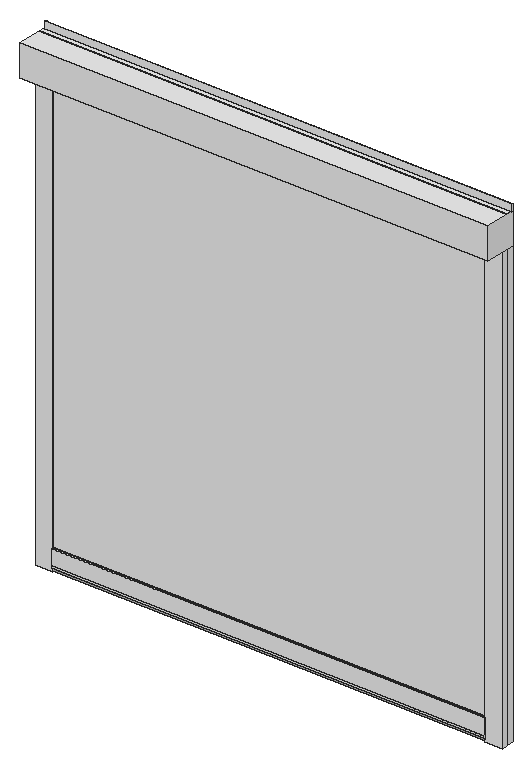
Revit family "6b4aaa0d-58bd-435f-a648-c8cad3bbff9f", category Doors, host Wall, Revit 2014
Parameters (values of type "Cylinder Bottom Bar")
  panelwidth [instance] = if(1 = 1, Clear Opening Width + (0' 0 3/8" * 2), 0' 0")  # 8' - 0 3/4"
  panelheight [instance] = Clear Opening Height + Jamb Above Opening  # 8' - 3 1/2"
  hoodextra = not(Frame Offset Extrusions)  # no
  Standards Conformance = "as Specified"
  Solid Slat Panel [instance] = yes
  Solid Slat Material [instance] = Metal - WayneDalton - 2.5" Slat White
  Percent Open Area [instance] = 0
  Open Area Slat Panel [instance] = no
  Open Area Slat Material [instance] = Metal - WayneDalton - 2.5" Slat White Fenestrated
  Offset from Interior Wall [instance] = 0' - 0"
  Max Width = 20' - 0"
  Max Height = 14' - 0"
  Jamb Width = 0' - 3 7/8"
  Jamb Depth = 0' - 2 3/4"
  Jamb Above Opening = 0' - 3 1/2"
  Hood Material [instance] = Metal - WayneDalton - White
  Hood Height [instance] = if(not(Clear Opening Height > 8' 0"), 0' 7", if(not(Clear Opening Height > 10' 0"), 0' 8", if(not(Clear Opening Height > 12' 0"), 0' 9", 0' 10")))  # 0' - 7"
  Hood Depth [instance] = if(not(Clear Opening Height > 8' 0"), 0' 7", if(not(Clear Opening Height > 10' 0"), 0' 8", if(not(Clear Opening Height > 12' 0"), 0' 9", 0' 10")))  # 0' - 7"
  Hood Above Opening = 0' - 9 1/2"
  Height of Open Area Slat Panel [instance] = 0' - 1"
  Function = Interior
  Frame Offset Extrusions = yes
  Door Operation [instance] = "Manual Lift Up Standard"
  Door Open [instance] = no
  Door Closed [instance] = not(Door Open)  # yes
  Clear Opening Width [instance] = 8' - 0"
  Clear Opening Height [instance] = 8' - 0"
  Panel Material [instance] = Metal - WayneDalton - White
  Manufacturer Phone = ""
  Door Track Material [instance] = Metal - WayneDalton - White
  Warranty Duration (Years) = 0
  URL = "http://www.wayne-dalton.com/Pages/default.aspx"
  Thickness = 0' - 0"  # constant formula
  Specification = ""
  SpecWizard = ""
  Sales Information = "http://www.wayne-dalton.com/Pages/contact.aspx"
  Rough Width = 0' - 0"  # constant formula
  Rough Height = 0' - 0"  # constant formula
  Product Properties = ""
  Product Data = "http://www.arcat.com/arcatcos/cos36/arc36462.html"
  Manufacturer Website = "http://www.wayne-dalton.com/Pages/default.aspx"
  Manufacturer Phone - Toll Free = "800-827-3667"
  Manufacturer Fax = ""
  Manufacturer Address = "2501 S. State Highway 121  ,  Suite 200, Lewisville, TX 75067"
  Maintenance Schedule (Months) = 0
  Installation-Fabrication = ""
  Installation Phase = ""
  Green Building-LEED = ""
  Model = "Security 523 Face Mount"
  Manufacturer = "Wayne Dalton"
  Keynote = "08 33 23"
  Height = 0' - 0"  # constant formula
  Wall Closure = By host
  Width = 0' - 0"  # constant formula
  Fire Rating = "as Specified"
  Expected Lifespan (Years) = 0
  Drawn By = "Sumex Design, Inc. / Robert S. Weygant, CSI, CDT, SCIP"  # constant formula
  Description = "Wayne Dalton Face Mounted Shutter Door - Security 523 as Specified"
  Copyright = "©Arcat Inc. R1_2016-07"  # constant formula
  Construction Details = ""
  Bottom Bar B = yes
  Bottom Bar A = no
  Beginning Height of Open Area Slat Panel [instance] = 0' - 0"
  Available Options [instance] = "as Specified"
  Assembly Code = "B2030400"
  Analytic Construction = "<None>"
Types (2): name | panelheight | Jamb Depth | Jamb Above Opening | Bottom Bar B | Bottom Bar A
  Cylinder Bottom Bar | 8' - 3 1/2" | 0' - 2 3/4" | 0' - 3 1/2" | yes | no
  Compact Bottom Bar | 8' - 2" | 0' - 1 1/4" | 0' - 2" | no | yes
Reference planes (in)
  plane 1 "Center (Front/Back)": y = -33.7392
  plane 2 "Center (Left/Right)": x = 66
  plane 3: z = 0
  plane 4 "Closure": y = -36.7392
  plane 5: z = 0
  plane 6 "T.O. Opening": z = 96
  plane 7: x = 18
  plane 8: x = 114
  plane 9: y = -36.7392
  plane 10: z = 99.5
  plane 11: x = 118.25
  plane 12: x = 13.75
  plane 13: z = 99.5
  plane 14: y = -39.4892
  plane 15: y = -43.7392
  plane 16: z = 106.5
  plane 17: y = -38.1142
  plane 18: x = 17.625
  plane 19: x = 114.375
  plane 20: y = -38.8642
Forms (in)
  Extrusion 1, solid, material "Metal - WayneDalton - White" <- "Door Track Material"
    sketch origin (0, 0, 0) x (1, 0, 0) y (0, 1, 0)
      loop
        line (17.625, -38.2392) -> (13.75, -38.2392) -> (13.75, -39.4892) -> (17.625, -39.4892) -> (17.625, -38.2392)
      loop
        line (114.375, -38.2392) -> (114.375, -39.4892) -> (118.25, -39.4892) -> (118.25, -38.2392) -> (114.375, -38.2392)
    from 0 to 99.5
  Extrusion 2, solid, material "Metal - WayneDalton - White" <- "Door Track Material", visible <- "Frame Offset Extrusions"
    sketch origin (15.852, -39.4892, 48) x (-1, 0, 0) y (0, 0, 1)
      loop
        line (2.102, -48) -> (2.102, 58.5) -> (-102.398, 58.5) -> (-102.398, -48) -> (-99.398, -48) -> (-99.398, 51.5) -> (-0.898, 51.5) -> (-0.898, -48) -> (2.102, -48)
    from 1.25 to 2.75
  Extrusion 3, solid, material "Metal - WayneDalton - White" <- "Hood Material"
    sketch origin (66, 0, 0) x (0, 1, 0) y (0, 0, 1)
      loop
        line (-36.7392, 99.5) -> (-36.7392, 106.5) -> (-43.7392, 106.5) -> (-43.7392, 99.5) -> (-36.7392, 99.5)
    from -52.25 to 52.25
  Extrusion 4, solid, material "Metal - WayneDalton - White" <- "Hood Material", visible <- "Frame Offset Extrusions"
    sketch origin (66, 0, 0) x (0, 1, 0) y (0, 0, 1)
      loop
        line (-36.7392, 106.5) -> (-36.7392, 108) -> (-36.9892, 108) -> (-36.9892, 106.5) -> (-36.7392, 106.5)
    from -52.25 to 52.25
  Extrusion 5, solid, material "Metal - WayneDalton - White" <- "Hood Material", visible <- "hoodextra"
    sketch origin (66, 0, 0) x (0, 1, 0) y (0, 0, 1)
      loop
        line (-38.2392, 106.5) -> (-38.2392, 108) -> (-38.4892, 108) -> (-38.4892, 106.5) -> (-38.2392, 106.5)
    from -52.25 to 52.25
Lines and regions (in)
  Opening 1
    outline origin (-79.33485, -36.7392, 0) x (1, 0, 0) y (0, 0, 1)
      loop
        line (97.33485, 96) -> (97.33485, 0) -> (193.33485, 0) -> (193.33485, 96) -> (97.33485, 96)
  model lines, style "DoorsHiddenLines"
    curve 1: line (13.75, -36.7392, 0) -> (13.75, -43.7392, 0)
    curve 2: line (13.75, -43.7392, 0) -> (118.25, -43.7392, 0)
    curve 3: line (118.25, -43.7392, 0) -> (118.25, -36.7392, 0)
Text (in)
  text "Exterior" at (50.54558, 27.31104, 0), in view "Plan"
  text "Interior" at (50.54558, -25.14366, 0), in view "Plan"
  text "Exterior" at (0, -17.98638, 123.01588), in view "Right"
  text "Interior" at (0, -64.39139, 123.01588), in view "Right"
  text "Interior" at (0, -52.09468, 121.14095), in view "Left"
  text "Exterior" at (0, 26.35325, 123.00693), in view "Left"
Dimensions and locks (in)
  "Clear Opening Height": level to plane 6 "T.O. Opening"
  equal spacing: plane 8, plane 2 "Center (Left/Right)", plane 7
  "Clear Opening Width": plane 8 to plane 7
  "Offset from Interior Wall": plane 9 to plane 4 "Closure"
  "Jamb Above Opening": plane 10 to plane 6 "T.O. Opening"
  "Jamb Depth": plane 9 to plane 14
  "Hood Depth": plane 9 to plane 15
  "Hood Height": plane 16 to plane 13
  equal spacing: plane 9, plane 17, plane 14
  locked: plane 7 to plane 18 at 0.375
  locked: plane 19 to plane 8 at 0.375
  "Jamb Width": plane 18 to plane 12
  "Jamb Width": plane 11 to plane 19
  locked: plane 13 to plane 10
  locked: Extrusion 2 sketch curve to plane 12 at 3
  locked: plane 11 to Extrusion 2 sketch curve at 3
  locked: plane 16 to Extrusion 4 sketch curve at 1.5
  plane 14 to Extrusion 5 sketch curve to Extrusion 5 sketch curve = 0' - 1" locked, 0' - 0 1/4" locked
  locked: plane 16 to Extrusion 5 sketch curve at 1.5
  locked: Extrusion 1 sketch curve to plane 14 at 1.25  (x2)
  plane 14 to Extrusion 4 sketch curve to Extrusion 4 sketch curve = 0' - 2 1/2" locked, 0' - 0 1/4" locked
  locked: plane 20 to plane 14 at 0.625
  aligned and locked: host wall to plane 1 "Center (Front/Back)"
  aligned and locked: host wall to plane 4 "Closure"
  aligned and locked: plane 10 to Extrusion 1
  aligned and locked: plane 16 to Extrusion 2 sketch curve
  aligned and locked: Extrusion 2 sketch curve to plane 12
  aligned and locked: Extrusion 2 sketch curve to plane 11
  aligned and locked: plane 13 to Extrusion 2 sketch curve
  aligned and locked: Extrusion 3 sketch curve to plane 9
  aligned and locked: plane 15 to Extrusion 3 sketch curve
  aligned and locked: plane 16 to Extrusion 3 sketch curve
  aligned and locked: plane 10 to Extrusion 3 sketch curve
  aligned and locked: plane 11 to Extrusion 3
  aligned and locked: Extrusion 3 to plane 12
  aligned and locked: plane 16 to Extrusion 4 sketch curve
  aligned and locked: plane 11 to Extrusion 4
  aligned and locked: Extrusion 4 to plane 12
  aligned and locked: plane 16 to Extrusion 5 sketch curve
  aligned and locked: plane 11 to Extrusion 5
  aligned and locked: Extrusion 5 to plane 12
  aligned and locked: nested 1 to plane 20
  aligned and locked: plane 2 "Center (Left/Right)" to nested 1
  aligned and locked: Opening 1 sketch curve to plane 8
  aligned and locked: Opening 1 sketch curve to plane 6 "T.O. Opening"
  aligned and locked: plane 7 to Opening 1 sketch curve
  aligned and locked: plane 2 "Center (Left/Right)" to nested 2
  aligned and locked: nested 2 to plane 20
  aligned and locked: plane 11 to curve 3
  aligned and locked: curve 1 to plane 12
  aligned and locked: curve 2 to plane 15
  aligned and locked: plane 9 to curve 1
  aligned and locked: curve 3 to plane 9
Automatic sketch dimensions
  Extrusion 1 sketch curve to plane 12 = 0' - 0"
  Extrusion 1 sketch curve to plane 14 = 0' - 0"
  Extrusion 1 sketch curve to plane 18 = 0' - 0"
  Extrusion 1 sketch curve to plane 19 = 0' - 0"
  Extrusion 1 sketch curve to plane 11 = 0' - 0"
  plane 14 to Extrusion 1 sketch curve = 0' - 0"
  Extrusion 2 sketch curve to level = 0' - 0"  (x2)
  Opening 1 sketch curve to level = 0' - 0"
Nested families (in)
  nested 1: "AlluraPanel" at (66, -38.8642, 0), Solid Slat Panel <- "Solid Slat Panel", Open Slat Panel <- "Open Area Slat Panel", Bottom Bar B <- "Bottom Bar B", Bottom Bar A <- "Bottom Bar A", solid slat <- "Solid Slat Material", open slat <- "Open Area Slat Material", bottom bar material <- "Panel Material", width <- "panelwidth", height <- "panelheight", Height of Open Slat Area <- "Height of Open Area Slat Panel", Beginning Height of Open Slats <- "Beginning Height of Open Area Slat Panel", visible <- "Door Closed", type "AlluraPanel"
    with width 8' - 0 3/4", solid slat Metal - WayneDalton - 2.5" Slat White, open slat Metal - WayneDalton - 2.5" Slat White Fenestrated, height 8' - 3 1/2", firstslat 0' - 5", bottom bar material Metal - WayneDalton - White, Solid Slat Panel yes, Open Slat Panel no, Height of Open Slat Area 0' - 1", Bottom Bar B yes, Bottom Bar A no, Beginning Height of Open Slats 0' - 0"
  nested 2: "AlluraPanel" at (66, -38.8642, 96), Bottom Bar B <- "Bottom Bar B", Bottom Bar A <- "Bottom Bar A", bottom bar material <- "Panel Material", width <- "panelwidth", visible <- "Door Open", type "AlluraPanel"
    with width 8' - 0 3/4", solid slat Metal - WayneDalton - 2.5" Slat White, open slat Metal - WayneDalton - 2.5" Slat White Fenestrated, height 8' - 2", firstslat 0' - 5", bottom bar material Metal - WayneDalton - White, Solid Slat Panel no, Open Slat Panel no, Height of Open Slat Area 0' - 1", Bottom Bar B yes, Bottom Bar A no, Beginning Height of Open Slats 0' - 0"
Definition of nested family "AlluraPanel"
  Parameters (values of type "AlluraPanel")
    width [instance] = 4' - 8"
    solid slat [instance] = Metal - WayneDalton - 2.5" Slat White
    open slat [instance] = Metal - WayneDalton - 2.5" Slat White Fenestrated
    height [instance] = 7' - 4.18525"
    firstslat [instance] = if(Bottom Bar A, 0' 1 3/4", 0' 5")  # 0' - 5"
    bottom bar material [instance] = Metal - WayneDalton - White
    Solid Slat Panel [instance] = yes
    Open Slat Panel [instance] = yes
    Height of Open Slat Area [instance] = 3' - 0.28346"
    Default Elevation = 4' - 0"
    Bottom Bar B [instance] = yes
    Bottom Bar A [instance] = no
    Beginning Height of Open Slats [instance] = 2' - 2.90179"
  Reference planes (in)
    plane 1 "Center (Front/Back)": y = 0
    plane 2: z = 0
    plane 3 "Center (Left/Right)": x = 0
    plane 4: x = -28
    plane 5: x = 28
    plane 6: z = 88.18525
    plane 7: z = 26.90179
    plane 8: z = 63.18525
  Forms (in)
    Extrusion 1, solid, material "Metal - WayneDalton - White" <- "bottom bar material", visible <- "Bottom Bar A"
      sketch origin (0, 0, 0) x (0, 1, 0) y (0, 0, 1)
        loop
          arc (-0.07525, 0.29319) -> (0, 0) -> (0.07525, 0.29319) r 0.15625
          line (0.07525, 0.29319) -> (0.07525, 0.32789) -> (0.375, 0.32789) -> (0.375, 1.8125) -> (-0.375, 1.8125) -> (-0.375, 0.32789) -> (-0.07525, 0.32789) -> (-0.07525, 0.29319)
      from -28 to 28
    Extrusion 2, solid, material "Metal - WayneDalton - White" <- "bottom bar material", visible <- "Bottom Bar B"
      sketch origin (0, 0, 0) x (0, 1, 0) y (0, 0, 1)
        loop
          arc (-0.75, 0.75) -> (0, 0) -> (0.75, 0.75) r 0.75
          line (0.75, 0.75) -> (0.75, 0.9375) -> (0.9375, 0.9375) -> (0.9375, 1.3125) -> (0.875, 1.3125) -> (0.875, 4.8125) -> (0.4375, 4.8125) -> (0.26245, 5.0625) -> (-0.26245, 5.0625) -> (-0.4375, 4.8125) -> (-0.875, 4.8125) -> (-0.875, 1.3125) -> (-0.9375, 1.3125) -> (-0.9375, 0.9375) -> (-0.75, 0.9375) -> (-0.75, 0.75)
      from -28 to 28
    Extrusion 3, solid, visible <- "Solid Slat Panel"
      sketch origin (0, 0, 0) x (1, 0, 0) y (0, 0, 1)
        loop
          line (-28, 88.18525) -> (-28, 5) -> (28, 5) -> (28, 88.18525) -> (-28, 88.18525)
      from -0.38073 to 0.48255
    Extrusion 4, void
      sketch origin (0, 0, 0) x (1, 0, 0) y (0, 0, 1)
        loop
          line (-28, 63.18525) -> (-28, 26.90179) -> (28, 26.90179) -> (28, 63.18525) -> (-28, 63.18525)
      from -4.40956 to 4.8465
    Extrusion 5, solid, visible <- "Open Slat Panel"
      sketch origin (0, 0, 0) x (1, 0, 0) y (0, 0, 1)
        loop
          line (-28, 88.18525) -> (-28, 5) -> (28, 5) -> (28, 88.18525) -> (-28, 88.18525)
      from -0.38073 to 0.48255
    Extrusion 6, void
      sketch origin (0, 0, 0) x (1, 0, 0) y (0, 0, 1)
        loop
          line (-28, 63.18525) -> (28, 63.18525) -> (28, 89.18525) -> (-28, 89.18525) -> (-28, 63.18525)
      from -2.26609 to 1.91111
    Extrusion 7, void
      sketch origin (0, 0, 0) x (1, 0, 0) y (0, 0, 1)
        loop
          line (-28, 26.90179) -> (-28, -1) -> (28, -1) -> (28, 26.90179) -> (-28, 26.90179)
      from -1.73335 to 2.1331
  Cuts and joins
    Extrusion 4 cuts Extrusion 3
    Extrusion 6, Extrusion 7 cuts Extrusion 5
  Dimensions and locks (in)
    equal spacing: plane 4, plane 3 "Center (Left/Right)", plane 5
    "width": plane 4 to plane 5
    "height": plane 6 to level
    "firstslat": Extrusion 3 sketch curve to level
    "Beginning Height of Open Slats": plane 7 to level
    "Height of Open Slat Area": plane 8 to plane 7
    "firstslat": Extrusion 5 sketch curve to level
    locked: Extrusion 6 sketch curve to plane 6 at 1
    locked: level to Extrusion 7 sketch curve at 1
    aligned and locked: plane 2 to level
    aligned and locked: plane 5 to Extrusion 2
    aligned and locked: Extrusion 2 to plane 4
    aligned and locked: plane 5 to Extrusion 1
    aligned and locked: Extrusion 1 to plane 4
    aligned and locked: Extrusion 3 sketch curve to plane 5
    aligned and locked: plane 4 to Extrusion 3 sketch curve
    aligned and locked: Extrusion 3 sketch curve to plane 6
    aligned and locked: Extrusion 4 sketch curve to plane 5
    aligned and locked: plane 4 to Extrusion 4 sketch curve
    aligned and locked: Extrusion 4 sketch curve to plane 8
    aligned and locked: plane 7 to Extrusion 4 sketch curve
    aligned and locked: plane 4 to Extrusion 5 sketch curve
    aligned and locked: Extrusion 5 sketch curve to plane 5
    aligned and locked: Extrusion 5 sketch curve to plane 6
    aligned and locked: plane 4 to Extrusion 6 sketch curve
    aligned and locked: Extrusion 6 sketch curve to plane 5
    aligned and locked: plane 8 to Extrusion 6 sketch curve
    aligned and locked: Extrusion 7 sketch curve to plane 7
    aligned and locked: plane 4 to Extrusion 7 sketch curve
    aligned and locked: Extrusion 7 sketch curve to plane 5
  Automatic sketch dimensions
    Extrusion 1 sketch curve to plane 1 "Center (Front/Back)" = 0' - 0"
    plane 1 "Center (Front/Back)" to Extrusion 1 sketch curve = 0' - 0 3/8"
    Extrusion 1 sketch curve to plane 1 "Center (Front/Back)" = 0' - 0 3/8"
    level to Extrusion 1 sketch curve = 0' - 0 5/32"
    level to Extrusion 1 sketch curve = 0' - 0.32789"
    Extrusion 1 sketch curve to Extrusion 1 sketch curve = 0' - 1.48461"
    Extrusion 1 sketch curve to plane 1 "Center (Front/Back)" = 0' - 0.07525"
    Extrusion 1 sketch curve to Extrusion 1 sketch curve = 0' - 0.0347"  (x3)
    Extrusion 2 sketch curve to plane 1 "Center (Front/Back)" = 0' - 0"
    plane 1 "Center (Front/Back)" to Extrusion 2 sketch curve = 0' - 0 3/4"
    Extrusion 2 sketch curve to Extrusion 2 sketch curve = 0' - 0 1/8"  (x2)
    Extrusion 2 sketch curve to Extrusion 2 sketch curve = 0' - 0 3/16"  (x3)
    Extrusion 2 sketch curve to Extrusion 2 sketch curve = 0' - 0 1/16"
    level to Extrusion 2 sketch curve = 0' - 0 3/4"
    Extrusion 2 sketch curve to Extrusion 2 sketch curve = 0' - 0 3/8"  (x2)
    Extrusion 2 sketch curve to Extrusion 2 sketch curve = 0' - 3 1/2"
    plane 1 "Center (Front/Back)" to Extrusion 2 sketch curve = 0' - 0.26245"
    Extrusion 2 sketch curve to Extrusion 2 sketch curve = 0' - 0.17505"  (x2)
    Extrusion 2 sketch curve to Extrusion 2 sketch curve = 0' - 0"  (x2)
    Extrusion 2 sketch curve to plane 1 "Center (Front/Back)" = 0' - 0.26245"
    Extrusion 2 sketch curve to Extrusion 2 sketch curve = 0' - 0 1/4"
